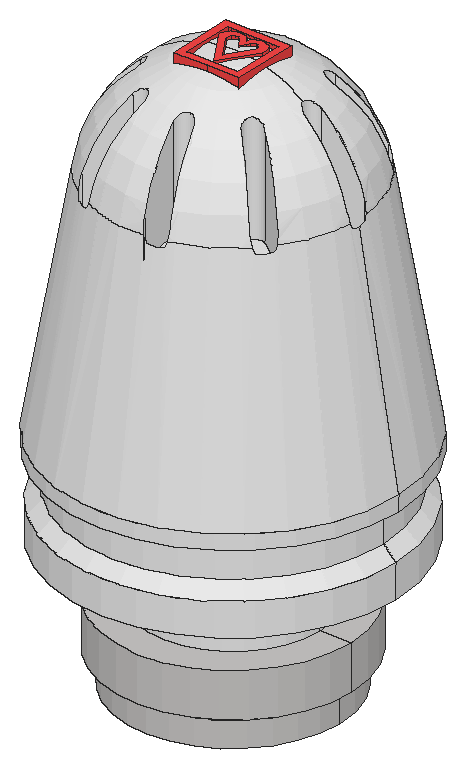
Revit family "HERZ-Mini-GS-Design-Thermostatic Sensor M28x1.5 9200 06", category Rohrzubehör, Revit 2019
Family settings
  Bemaßung runder Anschluss = Durchmesser verwenden
  Teiletyp = Normal
  OmniClass-Nummer = 23.65.55.14
  OmniClass-Titel = Valves for Liquid Services
  Arbeitsebenenbasiert = Nein
  Immer vertikal = Nein
  Beim Laden mit Abzugskörper schneiden = Nein
  Gemeinsam genutzt = Nein
Parameters
  URL = "www.herzvalves.com"
  Set value range = "6-28°C"  # constant formula
  S02 = 60 mm  # constant formula
  S01 = 73 mm  # constant formula
  Part number = 1920006  # constant formula
  Operation = "The HERZ thermostat serves as a sensing and control element.\r\nThe volumetric change of the liquid filling in the HERZ hydrosensor moves the thrust spindle of the valve."
  Shut off zero position = "When set to \"0\", the thermostatic valve is shut off and the frost protection is disabled."
  Hersteller = "HERZ Armaturen Ges.m.b.H."  # constant formula
  Hand wheel = "plastic, white"  # constant formula
  Frost protection = 6 °C  # constant formula
  Frost protection setpoint range = "6-28°C"  # constant formula
  Frost protection * = "When set to *, the valve automatically opens at approx.\r\n6 ° C ambient temperature and prevents the system from freezing."
  Application = "For mounting on valves that are designed for thermostatic operation."
Reference planes
  plane 1 "Mitte (Vorne/hinten)": y = 0
  plane 2: z = 0
  plane 3 "Mitte (Links/rechts)": x = 0
Forms (mm)
  Revolve 1, solid, material "Kunststoff weiß", detail levels fine
    sketch origin (0, 0, 0) x (1, 0, 0) y (0, 0, 1)
      loop
        line (0, 0) -> (0, 73)
        arc (0, 73) -> (-11.397, 68.78) -> (-17.297, 58.156) r 17.5
        arc (-17.297, 58.156) -> (-20.011, 42.065) -> (-22.88, 26) r 1681.293
        line (-22.88, 26) -> (-22.88, 24) -> (-20.75, 24) -> (-20.75, 19.25) -> (-22.5, 17.5) -> (-22.5, 13) -> (-12.8, 13)
        arc (-12.8, 13) -> (-12.234, 12.766) -> (-12, 12.2) r 0.8
        line (-12, 12.2) -> (-12, 4.8) -> (-13.2, 4.8) -> (-13.2, 0) -> (0, 0)
      axis (0, 73) -> (0, 0)
    angle from 0 to 360
  Revolve 2, solid, material "Messing verzinkt", detail levels fine
    sketch origin (0, 0, 0) x (1, 0, 0) y (0, 0, 1)
      loop
        line (0, 0) -> (0, 5.5) -> (-16.35, 5.5) -> (-16.35, -0.576) -> (-14.75, -1.5) -> (-14.75, -5) -> (-13.35, -5) -> (-13.35, 0) -> (0, 0)
      axis (0, 5.5) -> (0, -5)
    angle from 0 to 360
  Extrusion 3, void
    sketch origin (0, 0, 0) x (1, 0, 0) y (0, 1, 0)
      loop
        arc (11.027, 1.298) -> (9.8, 0) -> (11.027, -1.298) r 1.3
        line (11.027, -1.298) -> (16.77, -1.62)
        arc (16.77, -1.62) -> (17.178, -1.485) -> (17.384, -1.107) r 0.586
        arc (17.384, -1.107) -> (17.453, 0.011) -> (17.382, 1.129) r 9
        arc (17.382, 1.129) -> (17.183, 1.492) -> (16.79, 1.621) r 0.564
        line (16.79, 1.621) -> (11.027, 1.298)
      loop
        line (9.282, 6.094) -> (13.904, 9.55)
        arc (13.904, 9.55) -> (14.121, 9.902) -> (14.04, 10.308) r 0.564
        arc (14.04, 10.308) -> (13.376, 11.21) -> (12.605, 12.023) r 9
        arc (12.605, 12.023) -> (12.205, 12.18) -> (11.805, 12.021) r 0.586
        line (11.805, 12.021) -> (7.613, 8.082)
        arc (7.613, 8.082) -> (7.507, 6.299) -> (9.282, 6.094) r 1.3
      loop
        arc (0.637, 11.085) -> (1.702, 9.651) -> (3.193, 10.634) r 1.3
        line (3.193, 10.634) -> (4.508, 16.234)
        arc (4.508, 16.234) -> (4.445, 16.659) -> (4.109, 16.928) r 0.586
        arc (4.109, 16.928) -> (3.02, 17.189) -> (1.907, 17.313) r 9
        arc (1.907, 17.313) -> (1.515, 17.181) -> (1.319, 16.816) r 0.564
        line (1.319, 16.816) -> (0.637, 11.085)
      loop
        line (-4.39, 10.199) -> (-6.991, 15.351)
        arc (-6.991, 15.351) -> (-7.3, 15.626) -> (-7.713, 15.617) r 0.564
        arc (-7.713, 15.617) -> (-8.717, 15.12) -> (-9.651, 14.501) r 9
        arc (-9.651, 14.501) -> (-9.875, 14.134) -> (-9.788, 13.713) r 0.586
        line (-9.788, 13.713) -> (-6.638, 8.901)
        arc (-6.638, 8.901) -> (-4.9, 8.487) -> (-4.39, 10.199) r 1.3
      loop
        arc (-10.806, 2.552) -> (-9.209, 3.352) -> (-9.918, 4.991) r 1.3
        line (-9.918, 4.991) -> (-15.204, 7.258)
        arc (-15.204, 7.258) -> (-15.634, 7.271) -> (-15.957, 6.986) r 0.586
        arc (-15.957, 6.986) -> (-16.404, 5.959) -> (-16.719, 4.884) r 9
        arc (-16.719, 4.884) -> (-16.657, 4.475) -> (-16.332, 4.219) r 0.564
        line (-16.332, 4.219) -> (-10.806, 2.552)
      loop
        line (-10.806, -2.552) -> (-16.332, -4.219)
        arc (-16.332, -4.219) -> (-16.657, -4.475) -> (-16.719, -4.884) r 0.564
        arc (-16.719, -4.884) -> (-16.404, -5.959) -> (-15.957, -6.986) r 9
        arc (-15.957, -6.986) -> (-15.634, -7.271) -> (-15.204, -7.258) r 0.586
        line (-15.204, -7.258) -> (-9.918, -4.991)
        arc (-9.918, -4.991) -> (-9.209, -3.352) -> (-10.806, -2.552) r 1.3
      loop
        arc (9.282, -6.094) -> (7.507, -6.299) -> (7.613, -8.082) r 1.3
        line (7.613, -8.082) -> (11.805, -12.021)
        arc (11.805, -12.021) -> (12.205, -12.18) -> (12.605, -12.023) r 0.586
        arc (12.605, -12.023) -> (13.376, -11.21) -> (14.04, -10.308) r 9
        arc (14.04, -10.308) -> (14.121, -9.902) -> (13.904, -9.55) r 0.564
        line (13.904, -9.55) -> (9.282, -6.094)
      loop
        line (0.637, -11.085) -> (1.319, -16.816)
        arc (1.319, -16.816) -> (1.515, -17.181) -> (1.907, -17.313) r 0.564
        arc (1.907, -17.313) -> (3.02, -17.189) -> (4.109, -16.928) r 9
        arc (4.109, -16.928) -> (4.445, -16.659) -> (4.508, -16.234) r 0.586
        line (4.508, -16.234) -> (3.193, -10.634)
        arc (3.193, -10.634) -> (1.702, -9.651) -> (0.637, -11.085) r 1.3
      loop
        arc (-4.39, -10.199) -> (-4.9, -8.487) -> (-6.638, -8.901) r 1.3
        line (-6.638, -8.901) -> (-9.788, -13.713)
        arc (-9.788, -13.713) -> (-9.875, -14.134) -> (-9.651, -14.501) r 0.586
        arc (-9.651, -14.501) -> (-8.717, -15.12) -> (-7.713, -15.617) r 9
        arc (-7.713, -15.617) -> (-7.3, -15.626) -> (-6.991, -15.351) r 0.564
        line (-6.991, -15.351) -> (-4.39, -10.199)
    from 55 to 73
Cuts and joins
  Extrusion 3 cuts Revolve 1
Lines and regions (mm)
  model lines, detail levels coarse+medium
    curve 1: line (0, 0, 0) -> (0, 0, 13)
    curve 2: line (0, -0.017, 0) -> (0, 13, 0)
    curve 3: circle (0, 0, 43) r 30 normal (0, -1, 0)
    curve 4: circle (0, 0, 43) r 30 normal (1, 0, 0)
    curve 5: line (0, 0, 23) -> (0, 0, 63)
    curve 6: line (0, 17.5, 63) -> (0, -17.5, 63)
    curve 7: line (-17.5, 0, 63) -> (17.5, 0, 63)
    curve 8: circle (0, 43, 0) r 30 normal (0, 0, 1)
    curve 9: line (0, 23, 0) -> (0, 63, 0)
    curve 10: line (-17.5, 63, 0) -> (17.5, 63, 0)
Dimensions and locks
  "S01": curve 4 to plane 2
  "S01": curve 3 to plane 2
  "S01": plane 1 "Mitte (Vorne/hinten)" to curve 8
  "S02": diameter of curve 3
  "S02": diameter of curve 4
  "S02": diameter of curve 8
  aligned and locked: level to plane 2
Automatic sketch dimensions
  Revolve 1 sketch curve to level = 0 mm
  Revolve 1 sketch curve to plane 3 "Mitte (Links/rechts)" = 0 mm  (x2)
  Revolve 1 sketch curve to plane 3 "Mitte (Links/rechts)" = 12 mm
  Revolve 1 sketch curve to Revolve 1 sketch curve = 0.8 mm
  Revolve 1 sketch curve to Revolve 1 sketch curve = 1.2 mm
  Revolve 1 sketch curve to Revolve 1 sketch curve = 7.95 mm
  Revolve 1 sketch curve to Revolve 1 sketch curve = 1.75 mm  (x2)
  Revolve 1 sketch curve to Revolve 1 sketch curve = 2.13 mm
  level to Revolve 1 sketch curve = 329.658 mm
  Revolve 1 sketch curve to plane 3 "Mitte (Links/rechts)" = 1676.524 mm
  level to Revolve 1 sketch curve = 4.8 mm
  Revolve 1 sketch curve to Revolve 1 sketch curve = 7.4 mm
  Revolve 1 sketch curve to Revolve 1 sketch curve = 4.5 mm
  Revolve 1 sketch curve to Revolve 1 sketch curve = 4.75 mm
  Revolve 1 sketch curve to Revolve 1 sketch curve = 2 mm
  Revolve 1 sketch curve to Revolve 1 sketch curve = 29.5 mm
  Revolve 1 sketch curve to Revolve 1 sketch curve = 17.5 mm
  Revolve 1 sketch curve to level = 366.045 mm
  Revolve 1 sketch curve to Revolve 1 sketch curve = 2141.315 mm
  Revolve 2 sketch curve to level = 0 mm
  Revolve 2 sketch curve to plane 3 "Mitte (Links/rechts)" = 0 mm  (x2)
  Revolve 2 sketch curve to level = 5 mm
  Revolve 2 sketch curve to plane 3 "Mitte (Links/rechts)" = 13.35 mm
  Revolve 2 sketch curve to Revolve 2 sketch curve = 1.4 mm
  Revolve 2 sketch curve to level = 0.576 mm
  Revolve 2 sketch curve to Revolve 2 sketch curve = 1.6 mm
  Revolve 2 sketch curve to level = 1.5 mm
  level to Revolve 2 sketch curve = 5.5 mm
  Revolve 2 sketch curve to Revolve 2 sketch curve = 361.045 mm
  Revolve 2 sketch curve to Revolve 2 sketch curve = 2208.815 mm
  plane 1 "Mitte (Vorne/hinten)" to Extrusion 3 sketch curve = 0 mm  (x2)
  Extrusion 3 sketch curve to plane 1 "Mitte (Vorne/hinten)" = 4.219 mm
  Extrusion 3 sketch curve to plane 3 "Mitte (Links/rechts)" = 16.332 mm
  plane 1 "Mitte (Vorne/hinten)" to Extrusion 3 sketch curve = 4.219 mm
  Extrusion 3 sketch curve to Extrusion 3 sketch curve = 0 mm  (x11)
  Extrusion 3 sketch curve to Extrusion 3 sketch curve = 0.163 mm  (x2)
  Extrusion 3 sketch curve to Extrusion 3 sketch curve = 0.734 mm  (x2)
  plane 1 "Mitte (Vorne/hinten)" to Extrusion 3 sketch curve = 7.258 mm
  Extrusion 3 sketch curve to Extrusion 3 sketch curve = 0.231 mm  (x2)
  Extrusion 3 sketch curve to plane 1 "Mitte (Vorne/hinten)" = 7.258 mm
  plane 1 "Mitte (Vorne/hinten)" to Extrusion 3 sketch curve = 2.552 mm
  Extrusion 3 sketch curve to Extrusion 3 sketch curve = 5.526 mm
  Extrusion 3 sketch curve to plane 1 "Mitte (Vorne/hinten)" = 2.552 mm
  Extrusion 3 sketch curve to Extrusion 3 sketch curve = 0.375 mm  (x2)
  Extrusion 3 sketch curve to Extrusion 3 sketch curve = 0.512 mm  (x2)
  Extrusion 3 sketch curve to Extrusion 3 sketch curve = 5.416 mm  (x2)
  Extrusion 3 sketch curve to Extrusion 3 sketch curve = 0.49 mm  (x2)
  Extrusion 3 sketch curve to Extrusion 3 sketch curve = 2.488 mm  (x2)
  Extrusion 3 sketch curve to Extrusion 3 sketch curve = 1.803 mm  (x2)
  Extrusion 3 sketch curve to Extrusion 3 sketch curve = 0.504 mm  (x2)
  Extrusion 3 sketch curve to Extrusion 3 sketch curve = 3.281 mm  (x2)
  Extrusion 3 sketch curve to Extrusion 3 sketch curve = 1.088 mm  (x2)
  Extrusion 3 sketch curve to Extrusion 3 sketch curve = 1.16 mm  (x2)
  Extrusion 3 sketch curve to Extrusion 3 sketch curve = 1.324 mm  (x2)
  plane 3 "Mitte (Links/rechts)" to Extrusion 3 sketch curve = 0.637 mm  (x2)
  plane 3 "Mitte (Links/rechts)" to Extrusion 3 sketch curve = 1.319 mm  (x2)
  plane 3 "Mitte (Links/rechts)" to Extrusion 3 sketch curve = 1.468 mm  (x2)
  Extrusion 3 sketch curve to Extrusion 3 sketch curve = 0.561 mm  (x2)
  Extrusion 3 sketch curve to Extrusion 3 sketch curve = 1.291 mm  (x2)
  Extrusion 3 sketch curve to Extrusion 3 sketch curve = 1.266 mm  (x2)
  Extrusion 3 sketch curve to Extrusion 3 sketch curve = 2.058 mm  (x2)
  Extrusion 3 sketch curve to Extrusion 3 sketch curve = 0.57 mm  (x2)
  Extrusion 3 sketch curve to Extrusion 3 sketch curve = 5.007 mm  (x2)
  Extrusion 3 sketch curve to Extrusion 3 sketch curve = 1.138 mm  (x2)
  Extrusion 3 sketch curve to Extrusion 3 sketch curve = 1.978 mm
  Extrusion 3 sketch curve to Extrusion 3 sketch curve = 0.89 mm  (x2)
  Extrusion 3 sketch curve to Extrusion 3 sketch curve = 0.779 mm  (x2)
  plane 1 "Mitte (Vorne/hinten)" to Extrusion 3 sketch curve = 1.298 mm
  Extrusion 3 sketch curve to Extrusion 3 sketch curve = 2.575 mm
  Extrusion 3 sketch curve to Extrusion 3 sketch curve = 0.073 mm
  Extrusion 3 sketch curve to Extrusion 3 sketch curve = 4.192 mm  (x2)
  Extrusion 3 sketch curve to Extrusion 3 sketch curve = 0.401 mm  (x2)
  Extrusion 3 sketch curve to Extrusion 3 sketch curve = 1.36 mm  (x2)
  Extrusion 3 sketch curve to Extrusion 3 sketch curve = 0.338 mm  (x2)
  plane 1 "Mitte (Vorne/hinten)" to Extrusion 3 sketch curve = 1.62 mm
  Extrusion 3 sketch curve to Extrusion 3 sketch curve = 5.743 mm
  Extrusion 3 sketch curve to plane 1 "Mitte (Vorne/hinten)" = 1.621 mm
  Extrusion 3 sketch curve to Extrusion 3 sketch curve = 0.02 mm
  Extrusion 3 sketch curve to Extrusion 3 sketch curve = 0.033 mm
  Extrusion 3 sketch curve to Extrusion 3 sketch curve = 0.032 mm
  plane 1 "Mitte (Vorne/hinten)" to Extrusion 3 sketch curve = 7.32 mm
  Extrusion 3 sketch curve to Extrusion 3 sketch curve = 6.784 mm
  Extrusion 3 sketch curve to Extrusion 3 sketch curve = 1.004 mm
  Extrusion 3 sketch curve to Extrusion 3 sketch curve = 1.581 mm  (x2)
  Extrusion 3 sketch curve to Extrusion 3 sketch curve = 1.468 mm
  Extrusion 3 sketch curve to Extrusion 3 sketch curve = 0.712 mm  (x2)
  Extrusion 3 sketch curve to Extrusion 3 sketch curve = 0.452 mm  (x2)
  Extrusion 3 sketch curve to Extrusion 3 sketch curve = 2.31 mm  (x2)
  Extrusion 3 sketch curve to Extrusion 3 sketch curve = 0.297 mm  (x2)
  Extrusion 3 sketch curve to Extrusion 3 sketch curve = 1.591 mm  (x2)
  Extrusion 3 sketch curve to Extrusion 3 sketch curve = 0.427 mm  (x2)
  Extrusion 3 sketch curve to Extrusion 3 sketch curve = 4.812 mm  (x2)
  Extrusion 3 sketch curve to Extrusion 3 sketch curve = 0.321 mm  (x2)
  Extrusion 3 sketch curve to Extrusion 3 sketch curve = 1.063 mm  (x2)
  Extrusion 3 sketch curve to Extrusion 3 sketch curve = 0.254 mm  (x2)
  Extrusion 3 sketch curve to Extrusion 3 sketch curve = 5.599 mm  (x2)
  Extrusion 3 sketch curve to Extrusion 3 sketch curve = 0.134 mm  (x2)
  Extrusion 3 sketch curve to Extrusion 3 sketch curve = 0.382 mm  (x2)
  Extrusion 3 sketch curve to Extrusion 3 sketch curve = 0.067 mm  (x2)
  Extrusion 3 sketch curve to Extrusion 3 sketch curve = 0.947 mm
  Extrusion 3 sketch curve to Extrusion 3 sketch curve = 0.539 mm  (x2)
  Extrusion 3 sketch curve to Extrusion 3 sketch curve = 1.702 mm
  Extrusion 3 sketch curve to Extrusion 3 sketch curve = 2.439 mm
  Extrusion 3 sketch curve to Extrusion 3 sketch curve = 0.54 mm  (x2)
  Extrusion 3 sketch curve to Extrusion 3 sketch curve = 0.905 mm
  Extrusion 3 sketch curve to Extrusion 3 sketch curve = 0.585 mm
  Extrusion 3 sketch curve to Extrusion 3 sketch curve = 0.564 mm
  Extrusion 3 sketch curve to Extrusion 3 sketch curve = 0.339 mm
  Extrusion 3 sketch curve to Extrusion 3 sketch curve = 1.245 mm
  Extrusion 3 sketch curve to plane 1 "Mitte (Vorne/hinten)" = 5.433 mm
  Extrusion 3 sketch curve to Extrusion 3 sketch curve = 0.661 mm
  Extrusion 3 sketch curve to Extrusion 3 sketch curve = 1.041 mm
  Extrusion 3 sketch curve to Extrusion 3 sketch curve = 4.429 mm
  Extrusion 3 sketch curve to Extrusion 3 sketch curve = 2.891 mm
  Extrusion 3 sketch curve to Extrusion 3 sketch curve = 3.456 mm
  Extrusion 3 sketch curve to plane 1 "Mitte (Vorne/hinten)" = 1.298 mm  (x2)
  curve 5 to plane 1 "Mitte (Vorne/hinten)" = 0 mm
  curve 4 to plane 1 "Mitte (Vorne/hinten)" = 0 mm
  plane 1 "Mitte (Vorne/hinten)" to curve 6 = 17.5 mm
  curve 5 to curve 6 = 17.5 mm
  curve 5 to curve 4 = 20 mm
  curve 4 to curve 6 = 20 mm
  curve 3 to plane 3 "Mitte (Links/rechts)" = 0 mm
  curve 1 to plane 3 "Mitte (Links/rechts)" = 0 mm
  curve 1 to level = 0 mm
  curve 7 to plane 3 "Mitte (Links/rechts)" = 17.5 mm
  plane 3 "Mitte (Links/rechts)" to curve 7 = 17.5 mm
  curve 3 to curve 7 = 20 mm
  curve 8 to plane 3 "Mitte (Links/rechts)" = 0 mm
  curve 9 to plane 3 "Mitte (Links/rechts)" = 0 mm
  curve 2 to plane 3 "Mitte (Links/rechts)" = 0 mm
  curve 10 to curve 9 = 17.5 mm
  plane 3 "Mitte (Links/rechts)" to curve 10 = 17.5 mm
  plane 1 "Mitte (Vorne/hinten)" to curve 2 = 0.017 mm
  curve 2 to curve 9 = 10 mm
  curve 8 to curve 10 = 20 mm
Nested families
  nested 1: "Herz-Logo" at (0, 0, 71.5), type "Herz-Logo", detail levels fine
Definition of nested family "Herz-Logo"
  Reference planes
    plane 1 "Mitte (Vorne/hinten)": y = 0
    plane 2: z = 0
    plane 3 "Mitte (Links/rechts)": x = 0
  Forms (mm)
    Extrusion 1, solid
      sketch origin (0, 0, 0) x (1, 0, 0) y (0, 1, 0)
        loop
          line (-0.018, -4.517) -> (4.482, -4.517) -> (4.482, 4.483) -> (-4.518, 4.483) -> (-4.518, -4.517) -> (-0.018, -4.517)
        loop
          line (-0.05, -3.48) -> (3.482, -3.48) -> (3.482, 3.483) -> (-3.518, 3.483) -> (-3.518, -3.48) -> (-0.05, -3.48)
        loop
          arc (-0.018, 2.383) -> (-1.543, 3.287) -> (-3.067, 2.383) r 1.738
          arc (-3.067, 2.383) -> (-3.191, 1.899) -> (-3.067, 1.415) r 1.009
          line (-3.067, 1.415) -> (-0.018, -3.281) -> (3.032, 1.415)
          arc (3.032, 1.415) -> (3.156, 1.899) -> (3.032, 2.383) r 1.009
          arc (3.032, 2.383) -> (1.507, 3.287) -> (-0.018, 2.383) r 1.738
        loop
          arc (1.885, 1.272) -> (2.005, 1.675) -> (1.885, 2.079) r 0.74
          arc (1.885, 2.079) -> (1.265, 2.416) -> (0.644, 2.079) r 0.74
          line (0.644, 2.079) -> (-0.018, 0.97) -> (-0.679, 2.079)
          arc (-0.679, 2.079) -> (-1.3, 2.416) -> (-1.921, 2.079) r 0.74
          arc (-1.921, 2.079) -> (-2.04, 1.675) -> (-1.921, 1.272) r 0.74
          line (-1.921, 1.272) -> (-0.018, -1.658) -> (1.885, 1.272)
      from 0 to 1.5
  Dimensions and locks
    aligned and locked: level to plane 2
